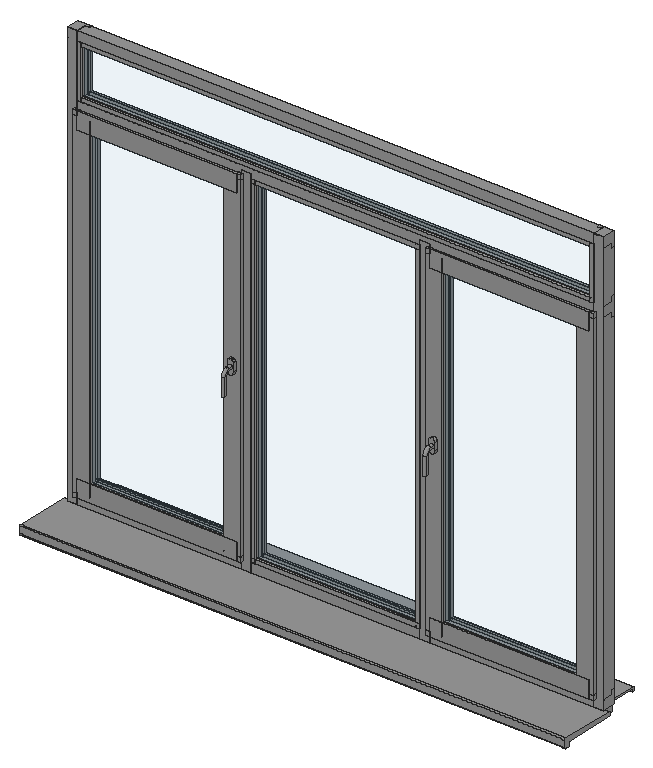
Revit family "deceuninck_okonniy_blok_trehstvorchatiy_so_sploshnoi_framugoi_sverhu", category Windows, host Wall, Revit 2016
Family settings
  Host = Wall
  OmniClass Number = 23.30.20.00
  OmniClass Title = Windows
  Always vertical = Yes
  Cut with Voids When Loaded = No
  Shared = No
  Room Calculation Point = No
Parameters (values of type "Энвин ЭКО-60")
  Ширина профиля = 60 mm
  Ширина проема [instance] = ADSK_Ширина рамы + Монтажный зазор.Левый + Монтажный зазор.Правый  # 2440 mm
  Шир прав створка [instance] = if(Одинковые створки, ADSK_Ширина рамы / 3, Створка правая.Ширина)  # 800 mm
  Шир лев створка [instance] = if(Одинковые створки, ADSK_Ширина рамы / 3, Створка левая.Ширина)  # 800 mm
  Четверть.Ширина [instance] = 65 mm
  Четверть.Правая [instance] = if(and(Четверть правая.Видимость, Четверть), Четверть.Ширина, 0 mm)  # 65 mm
  Четверть.Левая [instance] = if(and(Четверть левая.Видимость, Четверть), Четверть.Ширина, 0 mm)  # 65 mm
  Четверть.Глубина [instance] = 120 mm
  Четверть.Высота [instance] = 65 mm
  Четверть правая.Видимость [instance] = yes
  Четверть левая.Видимость [instance] = yes
  Четверть.Врхняя [instance] = if(Четверть, Четверть.Высота, 0 mm)  # 65 mm
  Четверть [instance] = yes
  Цвет профиля = ""
  Фрамуга верхняя.Высота [instance] = ADSK_Высота рамы - Створка.Высота  # 300 mm
  Формула стеклопакета = ""
  Толщина стеклопакета = "32"
  Стеклопакет.Толщина = 32 mm
  Створка.Высота [instance] = 1600 mm
  Створка центральная [instance] = stvorka : Глухая
  Створка правая.Ширина [instance] = 800 mm
  Створка правая [instance] = stvorka : Поворотная право
  Створка центральная.Ширина [instance] = ADSK_Ширина рамы - Шир прав створка - Шир лев створка  # 800 mm
  Створка левая.Ширина [instance] = 800 mm
  Створка левая [instance] = stvorka : Поворотная лево
  Система фурнитуры [instance] = ""
  Расчетное значение ветровой нагрузки [instance] = 400
  Рама.Окно.Ширина [instance] = 2400 mm
  Рама.Окно.Высота [instance] = 1900 mm
  Профильная система = "Энвин ЭКО 60"
  Проем.Окно.Ширина [instance] = 2440 mm
  Проем.Окно.Высота [instance] = 1955 mm
  Watermarked By = ""
  Rough Width = 0 mm  # constant formula
  Rough Height = 0 mm  # constant formula
  Подоконник.Глубина [instance] = 0 mm
  Подоконник. Видимость [instance] = yes
  Подоконник [instance] = podokonnik : ПВХ 250
  Площаль элемента [instance] = ADSK_Ширина рамы * ADSK_Высота рамы / 1000000 mm  # 4.56 mm
  Отлив.Свес [instance] = 35 mm
  Отлив.Видимость [instance] = yes
  Откосы.Глубина [instance] = 310 mm
  Одинковые створки [instance] = no
  Огнестойкость = "Е-15"
  Наименование = "Окно 3-створчатое с фрамугой сверху Энвин ЭКО-60"
  Монтажный зазор.Спереди [instance] = 10 mm
  Монтажный зазор.Правый [instance] = if(Четверть правая.Видимость, Монтажный зазор.Боковой, 0 mm)  # 20 mm
  Монтажный зазор.Низ [instance] = 10 mm
  Монтажный зазор.Левый [instance] = if(Четверть левая.Видимость, Монтажный зазор.Боковой, 0 mm)  # 20 mm
  Монтажный зазор.Верх [instance] = 20 mm
  Монтажный зазор.Боковой = 20 mm
  Материал-Стеклопакет = none
  Материал-Рама = none
  Материал-Подоконник = ПВХ, белый
  Материал-Отлив = Лист оцинкованый, белый
  Класс профиля = "Тип В"
  Завод-изготовитель [instance] = "ООО Декёнинк Рус, Россия"  # constant formula
  ГОСТ = "ГОСТ 30673-2013"
  Высота профиля створки = 76 mm
  Высота профиля рамы = 62 mm
  Высота профиля имоста = 82 mm
  Высота проема [instance] = ADSK_Высота рамы + 25 mm + Монтажный зазор.Верх + Монтажный зазор.Низ  # 1955 mm
  Height = 1000 mm
  Высота подоконника по умолчанию = 800 mm
  Wall Closure = By host
  Width = 0 mm  # constant formula
  Артикул створки/армирование рстворки = "ZE 60D  /  AR1"
  Артикул рамы/армирование рамы = "LE 60D  /  AR1"
  Артикул импоста/армирование импоста = "TE 60D  /  20 x 35"
  Analytic Construction = "<Нет>"
  λ краевой зоны стеклопакета = 0.0600 (m²·K)/W
  Rстеклопакета = 0.7600 (m²·K)/W
  Rпрофиля = 0.6800 (m²·K)/W
  Rпривед [instance] = 1 / (((Ширина профиля / 1000 mm) * (5.4 - 4 * (Ширина профиля / 1000 mm)) / (1.8 * Rпрофиля / Rед)) + ((1.2 - 2 * (Ширина профиля / 1000 mm)) * (1.5 - 2 * (Ширина профиля / 1000 mm)) / (1.8 * Rстеклопакета / Rед)) + (5.4 - 8 * (Ширина профиля / 1000 mm)) * (λ краевой зоны стеклопакета / Rед))  # 0.61064
  Rед = 1.0000 (m²·K)/W
  Iфактич [instance] = ""
  Iтреб [instance] = if(or(Шир лев створка > Шир прав створка, Шир лев створка = Шир прав створка), ((Расчетное значение ветровой нагрузки / 1000000) * ((ADSK_Высота рамы / 10) ^ 4) * (Шир лев створка / 20) / (1 mm * 1920 mm * 210000 mm * (ADSK_Высота рамы / 3000)) * (25 - (40 * ((Шир лев створка / ADSK_Высота рамы) ^ 2)) + (16 * ((Шир лев створка / ADSK_Высота рамы) ^ 4)))) + ((Расчетное значение ветровой нагрузки / 1000000) * ((ADSK_Высота рамы / 10) ^ 4) * (Створка центральная.Ширина / 20) / (1 mm * 1920 mm * 210000 mm * (ADSK_Высота рамы / 3000)) * (25 - (40 * ((Створка центральная.Ширина / ADSK_Высота рамы) ^ 2)) + (16 * ((Створка центральная.Ширина / ADSK_Высота рамы) ^ 4)))), ((Расчетное значение ветровой нагрузки / 1000000) * ((ADSK_Высота рамы / 10) ^ 4) * (Створка центральная.Ширина / 20) / (1 mm * 1920 mm * 210000 mm * (ADSK_Высота рамы / 3000)) * (25 - (40 * ((Створка центральная.Ширина / ADSK_Высота рамы) ^ 2)) + (16 * ((Створка центральная.Ширина / ADSK_Высота рамы) ^ 4)))) + ((Расчетное значение ветровой нагрузки / 1000000) * ((ADSK_Высота рамы / 10) ^ 4) * (Шир прав створка / 20) / (1 mm * 1920 mm * 210000 mm * (ADSK_Высота рамы / 3000)) * (25 - (40 * ((Шир прав створка / ADSK_Высота рамы) ^ 2)) + (16 * ((Шир прав створка / ADSK_Высота рамы) ^ 4)))))  # 3.007 mm
  ADSK_Ширина рамы [instance] = 2400 mm
  ADSK_Позиция [instance] = ""
  ADSK_Высота рамы [instance] = 1900 mm
Reference planes
  plane 1 "По центру (Вперед/Назад)": y = 0
  plane 2 "По центру (Влево/Вправо)": x = 0
  plane 3 "Подоконник": z = 800
  plane 4 "Наружный": y = 250
  plane 5 "Внутренние": y = -250
  plane 6: x = -1220
  plane 7: x = 1220
  plane 8: x = -1155
  plane 9: x = 1155
  plane 10: y = 130
  plane 11: z = 2700
  plane 12: x = -1200
  plane 13: x = 1200
  plane 14: z = 775
  plane 15: z = 2720
  plane 16: z = 765
  plane 17: z = 2655
  plane 18: y = 120
  plane 19: y = 60
  plane 20: x = -1138
  plane 21: x = 1138
  plane 22: z = 2638
  plane 23: z = 862
  plane 24: x = 400
  plane 25: x = 359
  plane 26: x = 441
  plane 27: y = 107
  plane 28: y = 70
  plane 29: y = 450
  plane 30: x = -400
  plane 31: x = -441
  plane 32: x = -359
  plane 33: z = 2400
Forms (mm)
  Extrusion 1, void
    sketch origin (0, -250, 0) x (1, 0, 0) y (0, 0, 1)
      loop
        line (-1220, 2720) -> (-1220, 765) -> (1220, 765) -> (1220, 2720) -> (-1220, 2720)
    from 0 to -380
  Extrusion 2, void
    sketch origin (-2200.521, 130, 1000) x (1, 0, 0) y (0, 0, 1)
      loop
        line (1045.521, 1655) -> (1045.521, -235) -> (3355.521, -235) -> (3355.521, 1655) -> (1045.521, 1655)
    from 0 to -320
  Extrusion 3, solid, material <- "Материал-Рама", detail levels fine
    sketch origin (0, 0, 800) x (0, -1, 0) y (-1, 0, 0)
      loop
        line (-120, 1200) -> (-120, 1138) -> (-107, 1138) -> (-107, 1158) -> (-60, 1158) -> (-60, 1200) -> (-120, 1200)
      loop
        line (-120, -1138) -> (-120, -1200) -> (-60, -1200) -> (-60, -1158) -> (-107, -1158) -> (-107, -1138) -> (-120, -1138)
    from 0 to -1900
  Extrusion 4, solid, material <- "Материал-Рама", detail levels fine
    sketch origin (-750, 0, 0) x (0, -1, 0) y (0, 0, 1)
      loop
        line (-60, 800) -> (-60, 842) -> (-107, 842) -> (-107, 862) -> (-120, 862) -> (-120, 800) -> (-60, 800)
      loop
        line (-60, 2658) -> (-60, 2700) -> (-120, 2700) -> (-120, 2638) -> (-107, 2638) -> (-107, 2658) -> (-60, 2658)
    from 450 to -1950
  Extrusion 5, solid, material <- "Материал-Рама", detail levels fine
    sketch origin (0, 0, 800) x (0, -1, 0) y (-1, 0, 0)
      loop
        line (-120, -359) -> (-120, -441) -> (-107, -441) -> (-107, -421) -> (-60, -421) -> (-60, -379) -> (-107, -379) -> (-107, -359) -> (-120, -359)
    from 0 to -1600
  Extrusion 6, solid, material <- "Материал-Рама"
    sketch origin (-233.865, 107, 2257) x (0, 0, 1) y (-1, 0, 0)
      loop
        line (-1457, 966.135) -> (-1482, 966.135) -> (-1482, -1433.865) -> (-1457, -1433.865) -> (-1457, 966.135)
    from 0 to 37
  Extrusion 7, solid, material "Лист оцинкованый, белый" <- "Материал-Отлив", visible <- "Отлив.Видимость", detail levels fine
    sketch origin (1155, 531.754, 1000) x (0, 1, 0) y (0, 0, 1)
      loop
        line (-424.754, -225) -> (-251.754, -225) -> (-251.754, -235) -> (-246.754, -235) -> (-246.754, -220) -> (-424.754, -215) -> (-424.754, -225)
    from 0 to -2310
  Extrusion 8, solid, detail levels medium
    sketch origin (0, 0, 800) x (0, -1, 0) y (-1, 0, 0)
      loop
        line (-120, 1200) -> (-120, 1138) -> (-60, 1138) -> (-60, 1200) -> (-120, 1200)
      loop
        line (-120, -1200) -> (-60, -1200) -> (-60, -1138) -> (-120, -1138) -> (-120, -1200)
    from 0 to -1900
  Extrusion 9, solid, detail levels medium
    sketch origin (-750, 0, 0) x (0, -1, 0) y (0, 0, 1)
      loop
        line (-120, 2700) -> (-120, 2638) -> (-60, 2638) -> (-60, 2700) -> (-120, 2700)
      loop
        line (-60, 800) -> (-60, 862) -> (-120, 862) -> (-120, 800) -> (-60, 800)
    from -1950 to 450
  Extrusion 10, solid, detail levels coarse
    sketch origin (-750, 0, 0) x (0, -1, 0) y (0, 0, 1)
      loop
        line (-120, 2589) -> (-47, 2589) -> (-47, 2700) -> (-120, 2700) -> (-120, 2589)
      loop
        line (-47, 800) -> (-47, 911) -> (-120, 911) -> (-120, 800) -> (-47, 800)
      loop
        line (-47, 2489) -> (-120, 2489) -> (-120, 2311) -> (-47, 2311) -> (-47, 2489)
    from -1950 to 450
  Extrusion 11, solid, detail levels medium
    sketch origin (0, 0, 800) x (0, -1, 0) y (-1, 0, 0)
      loop
        line (-120, -379) -> (-120, -421) -> (-60, -421) -> (-60, -379) -> (-120, -379)
    from 0 to -1600
  Extrusion 12, solid, detail levels fine
    sketch origin (0, 0, 800) x (0, -1, 0) y (-1, 0, 0)
      loop
        line (-120, 441) -> (-120, 359) -> (-107, 359) -> (-107, 379) -> (-60, 379) -> (-60, 421) -> (-107, 421) -> (-107, 441) -> (-120, 441)
    from 0 to -1600
  Extrusion 13, solid, detail levels medium
    sketch origin (0, 0, 0) x (1, 0, 0) y (0, 1, 0)
      loop
        line (-421, 120) -> (-421, 60) -> (-379, 60) -> (-379, 120) -> (-421, 120)
    from 800 to 2400
  Extrusion 14, solid, detail levels coarse
    sketch origin (0, 0, 0) x (1, 0, 0) y (0, 1, 0)
      loop
        line (310, 120) -> (310, 47) -> (490, 47) -> (490, 120) -> (310, 120)
    from 800 to 2400
  Extrusion 15, solid, detail levels coarse
    sketch origin (0, 0, 0) x (1, 0, 0) y (0, 1, 0)
      loop
        line (-490, 120) -> (-490, 47) -> (-310, 47) -> (-310, 120) -> (-490, 120)
    from 800 to 2400
  Extrusion 16, solid, detail levels coarse
    sketch origin (0, 0, 0) x (1, 0, 0) y (0, 1, 0)
      loop
        line (-1200, 120) -> (-1200, 47) -> (-1089, 47) -> (-1089, 120) -> (-1200, 120)
      loop
        line (1090, 120) -> (1090, 47) -> (1200, 47) -> (1200, 120) -> (1090, 120)
    from 800 to 2700
  Extrusion 17, solid, detail levels medium+fine
    sketch origin (0, 0, 0) x (0, -1, 0) y (0, 0, 1)
      loop
        line (-120, 2359) -> (-107, 2359) -> (-107, 2379) -> (-60, 2379) -> (-60, 2421) -> (-107, 2421) -> (-107, 2441) -> (-120, 2441) -> (-120, 2359)
    from -1200 to 1200
  Extrusion 18, solid, detail levels medium
    sketch origin (-750, 0, 0) x (0, -1, 0) y (0, 0, 1)
      loop
        line (-60, 2421) -> (-120, 2421) -> (-120, 2379) -> (-60, 2379) -> (-60, 2421)
    from -1950 to 450
Lines and regions (mm)
  symbolic lines, style "Windows"
    curve 1: line (-1200, 130, 0) -> (1200, 130, 0)
Text (mm)
  text "Наружный" at (0, 923.751, 2943.296), in view "Справа"
  text "Наружный" at (0, 1040.484, 2685.409), in view "Слева"
Dimensions and locks
  "Высота подоконника по умолчанию": plane 3 "Подоконник" to level
  locked: plane 4 "Наружный" to host wall at 0
  locked: plane 5 "Внутренние" to host wall
  "Четверть.Глубина": plane 10 to plane 4 "Наружный"
  "ADSK_Высота рамы": plane 11 to plane 3 "Подоконник"
  "Монтажный зазор.Верх": plane 15 to plane 11
  locked: plane 3 "Подоконник" to plane 14 at 25
  "Монтажный зазор.Низ": plane 14 to plane 16
  "Четверть.Врхняя": plane 15 to plane 17
  equal spacing: plane 13, plane 2 "По центру (Влево/Вправо)", plane 12
  "ADSK_Ширина рамы": plane 13 to plane 12
  "Четверть.Левая": plane 8 to plane 6
  "Четверть.Правая": plane 7 to plane 9
  "Монтажный зазор.Левый": plane 12 to plane 6
  "Монтажный зазор.Правый": plane 13 to plane 7
  "Монтажный зазор.Спереди": plane 10 to plane 18
  "Ширина профиля": plane 18 to plane 19
  "Высота профиля рамы": plane 12 to plane 20
  locked: Extrusion 3 sketch curve to Extrusion 3 sketch curve at 13  (x2)
  locked: Extrusion 3 sketch curve to Extrusion 3 sketch curve at 20  (x2)
  "Высота профиля рамы": plane 21 to plane 13
  "Высота профиля рамы": plane 11 to plane 22
  "Высота профиля рамы": plane 3 "Подоконник" to plane 23
  locked: Extrusion 4 sketch curve to Extrusion 4 sketch curve at 13  (x2)
  locked: Extrusion 4 sketch curve to Extrusion 4 sketch curve at 20  (x2)
  equal spacing: plane 25, plane 24, plane 26
  "Высота профиля имоста": plane 25 to plane 26
  locked: Extrusion 5 sketch curve to plane 26 at 20
  locked: plane 25 to Extrusion 5 sketch curve at 20
  locked: plane 18 to plane 27 at 13
  locked: plane 28 to plane 19 at 10
  locked: Extrusion 7 sketch curve to Extrusion 7 sketch curve at 5  (x2)
  locked: Extrusion 7 sketch curve to Extrusion 7 sketch curve at 10
  "Отлив.Свес": Extrusion 7 to plane 4 "Наружный"
  locked: plane 4 "Наружный" to plane 29 at 200
  "Шир лев створка": plane 30 to plane 12
  equal spacing: plane 31, plane 30, plane 32
  "Высота профиля имоста": plane 31 to plane 32
  locked: Extrusion 12 sketch curve to Extrusion 12 sketch curve at 20  (x2)
  "Шир прав створка": plane 24 to plane 13
  "Откосы.Глубина": plane 19 to plane 5 "Внутренние"
  "Створка.Высота": plane 33 to plane 3 "Подоконник"
  locked: Extrusion 17 sketch curve to Extrusion 17 sketch curve at 20  (x2)
  "Высота профиля имоста": Extrusion 17 sketch curve to Extrusion 17 sketch curve
  equal spacing: Extrusion 17 sketch curve, plane 33, Extrusion 17 sketch curve
  "Проем.Окно.Высота": plane 15 to plane 16
  "Рама.Окно.Высота": plane 11 to plane 3 "Подоконник"
  "Проем.Окно.Ширина": plane 7 to plane 6
  "Рама.Окно.Ширина": plane 13 to plane 12
  aligned and locked: Extrusion 1 sketch curve to plane 15
  aligned and locked: Extrusion 1 sketch curve to plane 6
  aligned and locked: Extrusion 1 sketch curve to plane 7
  aligned and locked: Extrusion 1 sketch curve to plane 16
  aligned and locked: plane 10 to Extrusion 1
  aligned and locked: Extrusion 2 sketch curve to plane 17
  aligned and locked: Extrusion 2 sketch curve to plane 8
  aligned and locked: Extrusion 2 sketch curve to plane 9
  aligned and locked: Extrusion 2 sketch curve to plane 16
  aligned and locked: Extrusion 3 sketch curve to plane 18
  aligned and locked: Extrusion 3 sketch curve to plane 19
  aligned and locked: Extrusion 3 sketch curve to plane 20
  aligned and locked: Extrusion 3 sketch curve to plane 12
  aligned and locked: plane 18 to Extrusion 3 sketch curve
  aligned and locked: plane 19 to Extrusion 3 sketch curve
  aligned and locked: Extrusion 3 sketch curve to plane 13
  aligned and locked: Extrusion 3 sketch curve to plane 21
  aligned and locked: plane 11 to Extrusion 3
  aligned and locked: Extrusion 4 sketch curve to plane 19  (x2)
  aligned and locked: Extrusion 4 sketch curve to plane 18  (x2)
  aligned and locked: Extrusion 4 sketch curve to plane 23
  aligned and locked: Extrusion 4 sketch curve to plane 3 "Подоконник"
  aligned and locked: Extrusion 4 sketch curve to plane 22
  aligned and locked: Extrusion 4 sketch curve to plane 11
  aligned and locked: Extrusion 4 to plane 13
  aligned and locked: Extrusion 4 to plane 12
  aligned and locked: Extrusion 5 sketch curve to plane 18
  aligned and locked: Extrusion 5 sketch curve to plane 19
  aligned and locked: Extrusion 6 sketch curve to plane 12
  aligned and locked: Extrusion 6 sketch curve to plane 3 "Подоконник"
  aligned and locked: Extrusion 6 sketch curve to plane 14
  aligned and locked: plane 13 to Extrusion 6 sketch curve
  aligned and locked: plane 28 to Extrusion 6
  aligned and locked: nested 1 to plane 3 "Подоконник"
  aligned and locked: plane 28 to nested 1
  aligned and locked: nested 1 to plane 2 "По центру (Влево/Вправо)"
  aligned and locked: plane 14 to Extrusion 7 sketch curve
  aligned and locked: Extrusion 7 to plane 8
  aligned and locked: plane 27 to Extrusion 7 sketch curve
  aligned and locked: plane 29 to Extrusion 2
  aligned and locked: curve 1 to plane 10
  aligned and locked: plane 11 to Extrusion 8
  aligned and locked: Extrusion 9 sketch curve to plane 11
  aligned and locked: Extrusion 9 sketch curve to plane 22
  aligned and locked: Extrusion 9 sketch curve to plane 19  (x2)
  aligned and locked: Extrusion 9 sketch curve to plane 18  (x2)
  aligned and locked: Extrusion 9 sketch curve to plane 3 "Подоконник"
  aligned and locked: Extrusion 9 sketch curve to plane 23
  aligned and locked: Extrusion 9 to plane 13
  aligned and locked: Extrusion 8 sketch curve to plane 20
  aligned and locked: Extrusion 8 sketch curve to plane 19  (x2)
  aligned and locked: Extrusion 8 sketch curve to plane 12
  aligned and locked: plane 13 to Extrusion 8 sketch curve
  aligned and locked: plane 21 to Extrusion 8 sketch curve
  aligned and locked: Extrusion 10 sketch curve to plane 18  (x2)
  aligned and locked: Extrusion 10 sketch curve to plane 11
  aligned and locked: Extrusion 10 sketch curve to plane 3 "Подоконник"
  aligned and locked: Extrusion 10 to plane 13
  aligned and locked: Extrusion 8 sketch curve to plane 18  (x2)
  aligned and locked: Extrusion 11 sketch curve to Extrusion 5  (x3)
  aligned and locked: Extrusion 10 to plane 12
  aligned and locked: Extrusion 9 to plane 12
  aligned and locked: Extrusion 12 sketch curve to plane 18
  aligned and locked: Extrusion 12 sketch curve to plane 19
  aligned and locked: Extrusion 12 sketch curve to plane 32
  aligned and locked: Extrusion 12 sketch curve to plane 31
  aligned and locked: Extrusion 12 sketch curve to plane 27  (x2)
  aligned and locked: plane 3 "Подоконник" to Extrusion 12
  aligned and locked: plane 3 "Подоконник" to Extrusion 5
  aligned and locked: Extrusion 13 sketch curve to Extrusion 12  (x3)
  aligned and locked: Extrusion 12 to Extrusion 13 sketch curve
  aligned and locked: plane 3 "Подоконник" to Extrusion 13
  aligned and locked: Extrusion 14 sketch curve to plane 18
  aligned and locked: Extrusion 10 to Extrusion 14 sketch curve
  aligned and locked: Extrusion 10 to Extrusion 15 sketch curve
  aligned and locked: Extrusion 15 sketch curve to plane 18
  aligned and locked: plane 3 "Подоконник" to Extrusion 15
  aligned and locked: plane 3 "Подоконник" to Extrusion 14
  aligned and locked: Extrusion 16 sketch curve to plane 12
  aligned and locked: Extrusion 16 sketch curve to plane 18  (x2)
  aligned and locked: Extrusion 16 sketch curve to Extrusion 10
  aligned and locked: Extrusion 10 to Extrusion 16 sketch curve
  aligned and locked: plane 13 to Extrusion 16 sketch curve
  aligned and locked: plane 11 to Extrusion 16
  aligned and locked: plane 3 "Подоконник" to Extrusion 16
  aligned and locked: nested 2 to Extrusion 4
  aligned and locked: plane 27 to nested 2
  aligned and locked: Extrusion 3 to nested 2
  aligned and locked: nested 2 to Extrusion 13
  aligned and locked: nested 3 to Extrusion 4
  aligned and locked: plane 27 to nested 3
  aligned and locked: Extrusion 13 to nested 3
  aligned and locked: nested 3 to Extrusion 11
  aligned and locked: nested 4 to Extrusion 4
  aligned and locked: plane 27 to nested 4
  aligned and locked: Extrusion 11 to nested 4
  aligned and locked: nested 4 to Extrusion 3
  aligned and locked: Extrusion 17 sketch curve to plane 18
  aligned and locked: Extrusion 17 sketch curve to plane 19
  aligned and locked: Extrusion 17 sketch curve to plane 27
  aligned and locked: Extrusion 17 to plane 13
  aligned and locked: Extrusion 17 to plane 12
  aligned and locked: Extrusion 18 sketch curve to Extrusion 17  (x3)
  aligned and locked: Extrusion 17 to Extrusion 18 sketch curve
  aligned and locked: Extrusion 18 to plane 12
  aligned and locked: Extrusion 18 to plane 13
  aligned and locked: nested 4 to Extrusion 17
  aligned and locked: nested 3 to Extrusion 17
  aligned and locked: nested 2 to Extrusion 17
  aligned and locked: nested 5 to Extrusion 4
  aligned and locked: nested 5 to Extrusion 17
  aligned and locked: plane 27 to nested 5
  aligned and locked: Extrusion 3 to nested 5
  aligned and locked: nested 5 to Extrusion 10 sketch curve  (x2)
  aligned and locked: Extrusion 10 sketch curve to nested 2
  aligned and locked: plane 33 to Extrusion 15
  aligned and locked: Extrusion 14 to Extrusion 15
  aligned and locked: Extrusion 14 to Extrusion 13
  aligned and locked: Extrusion 12 to Extrusion 13
  aligned and locked: Extrusion 11 to Extrusion 12
  aligned and locked: Extrusion 5 to Extrusion 11
  aligned and locked: nested 5 to Extrusion 3
  aligned and locked: Extrusion 16 sketch curve to nested 5
Automatic sketch dimensions
  host wall to Extrusion 7 sketch curve = 30 mm
  Extrusion 7 sketch curve to Extrusion 7 sketch curve = 10 mm
  curve 1 to plane 12 = 0 mm
  curve 1 to plane 13 = 0 mm
  plane 27 to Extrusion 5 sketch curve = 0 mm  (x2)
  Extrusion 5 sketch curve to plane 25 = 0 mm
  Extrusion 5 sketch curve to plane 26 = 0 mm
  Extrusion 10 sketch curve to plane 18 = 0 mm
  Extrusion 10 sketch curve to plane 19 = 13 mm  (x2)
  Extrusion 11 sketch curve to plane 18 = 0 mm
  plane 26 to Extrusion 14 sketch curve = 49 mm
  Extrusion 14 sketch curve to plane 25 = 49 mm
  plane 32 to Extrusion 15 sketch curve = 49 mm
  plane 23 to Extrusion 10 sketch curve = 49 mm
  plane 22 to Extrusion 10 sketch curve = 49 mm
  Extrusion 15 sketch curve to plane 31 = 49 mm
  plane 20 to Extrusion 16 sketch curve = 49 mm
  Extrusion 17 sketch curve to plane 27 = 0 mm
Nested families
  nested 1: "podokonnik" at (0, 70, 800), Материал-Подоконник <- "Материал-Подоконник", Длина подоконника <- "Ширина проема", type <- "Подоконник", visible <- "Подоконник. Видимость", type "ПВХ 250", detail levels fine
    with Материал-Подоконник ПВХ, белый, Длина подоконника 2440 mm
  nested 2: "stvorka" at (-789.5, 107, 842), Профиль.Ширина <- "Ширина профиля", Стеклопакет.Толщина <- "Стеклопакет.Толщина", type <- "Створка левая", Профиль.Высота <- "Высота профиля створки", type "Поворотная лево"
    with Стеклопакет.Толщина 32 mm, Створка.Ширина 737 mm, Створка.Высота 1537 mm, Ручка.Расстояние от низа створки 768.5 mm, Профиль.Ширина 60 mm, Профиль.Высота 76 mm, Материал.Профиль none
  nested 3: "stvorka" at (0, 107, 842), Профиль.Ширина <- "Ширина профиля", Стеклопакет.Толщина <- "Стеклопакет.Толщина", type <- "Створка центральная", Профиль.Высота <- "Высота профиля створки", type "Глухая"
    with Стеклопакет.Толщина 32 mm, Створка.Ширина 758 mm, Створка.Высота 1537 mm, Ручка.Расстояние от низа створки 768.5 mm, Профиль.Ширина 60 mm, Профиль.Высота 76 mm, Материал.Профиль none
  nested 4: "stvorka" at (789.5, 107, 842), Профиль.Ширина <- "Ширина профиля", Стеклопакет.Толщина <- "Стеклопакет.Толщина", type <- "Створка правая", Профиль.Высота <- "Высота профиля створки", type "Поворотная право"
    with Стеклопакет.Толщина 32 mm, Створка.Ширина 737 mm, Створка.Высота 1537 mm, Ручка.Расстояние от низа створки 768.5 mm, Профиль.Ширина 60 mm, Профиль.Высота 76 mm, Материал.Профиль none
  nested 5: "stvorka" at (0, 107, 2421), Профиль.Ширина <- "Ширина профиля", Стеклопакет.Толщина <- "Стеклопакет.Толщина", Профиль.Высота <- "Высота профиля створки", type "Глухая"
    with Стеклопакет.Толщина 32 mm, Створка.Ширина 2316 mm, Створка.Высота 237 mm, Ручка.Расстояние от низа створки 118.5 mm, Профиль.Ширина 60 mm, Профиль.Высота 76 mm, Материал.Профиль none
Definition of nested family "podokonnik"
  Parameters (values of type "ПВХ 150")
    Материал-Подоконник [instance] = none
    Длина подоконника [instance] = 1500 mm
    Глубина подоконника = 150 mm
    Watermarked By = ""
    Type Comments = "﻿﻿                           ﻿       ﻿     ﻿       ​         ​       ​   ​                  ﻿    ​            ﻿   ﻿                     ﻿     ﻿       ﻿   ​         ﻿       ﻿﻿"
    Keynote = "﻿﻿                           ﻿       ﻿     ﻿       ​         ​       ​   ​                  ﻿    ​            ﻿   ﻿                     ﻿     ﻿       ﻿   ​         ﻿       ﻿﻿"
    Description = "﻿﻿                           ﻿       ﻿     ﻿       ​         ​       ​   ​                  ﻿    ​            ﻿   ﻿                     ﻿     ﻿       ﻿   ​         ﻿       ﻿﻿"
    Assembly Code = "﻿﻿                           ﻿       ﻿     ﻿       ​         ​       ​   ​                  ﻿    ​            ﻿   ﻿                     ﻿     ﻿       ﻿   ​         ﻿       ﻿﻿"
  Types (13, lengths in mm): name | Глубина подоконника
    ПВХ 100 | 100
    ПВХ 150 | 150
    ПВХ 200 | 200
    ПВХ 250 | 250
    ПВХ 300 | 300
    ПВХ 350 | 350
    ПВХ 400 | 400
    ПВХ 450 | 450
    ПВХ 500 | 500
    ПВХ 550 | 550
    ПВХ 600 | 600
    ПВХ 650 | 650
    ПВХ 700 | 700
  Reference planes
    plane 1 "По центру (Вперед/Назад)": y = 0
    plane 2: z = 0
    plane 3 "По центру (Влево/Вправо)": x = 0
    plane 4: y = -150
    plane 5: x = 750
    plane 6: x = -750
  Forms (mm)
    Extrusion 1, solid, material <- "Материал-Подоконник"
      sketch origin (0, 0, 0) x (0, 1, 0) y (0, 0, 1)
        loop
          line (0, 0) -> (-146, 0)
          arc (-146, 0) -> (-148.828, -1.172) -> (-150, -4) r 4
          line (-150, -4) -> (-150, -36)
          arc (-150, -36) -> (-148.828, -38.828) -> (-146, -40) r 4
          line (-146, -40) -> (-130, -40) -> (-130, -20) -> (0, -20) -> (0, 0)
      from -750 to 750
  Dimensions and locks
    "Глубина подоконника": plane 1 "По центру (Вперед/Назад)" to plane 4
    equal spacing: plane 6, plane 3 "По центру (Влево/Вправо)", plane 5
    "Длина подоконника": plane 6 to plane 5
    aligned and locked: level to plane 2
    aligned and locked: plane 2 to Extrusion 1 sketch curve
    aligned and locked: plane 4 to Extrusion 1 sketch curve  (x2)
    aligned and locked: plane 5 to Extrusion 1
    aligned and locked: Extrusion 1 to plane 6
  Automatic sketch dimensions
    Extrusion 1 sketch curve to plane 1 "По центру (Вперед/Назад)" = 0 mm
    Extrusion 1 sketch curve to level = 20 mm
    Extrusion 1 sketch curve to level = 4 mm
    Extrusion 1 sketch curve to Extrusion 1 sketch curve = 16 mm  (x2)
    Extrusion 1 sketch curve to Extrusion 1 sketch curve = 4 mm
Definition of nested family "stvorka"
  Parameters (values of type "Глухая")
    Стеклопакет.Толщина [instance] = 32 mm
    Створка.Ширина [instance] = 600 mm
    Створка.Открытие = not(Створка.Глухая)  # no
    Створка.Высота [instance] = 1500 mm
    Ручка.Расстояние от низа створки [instance] = Створка.Высота / 2  # 750 mm
    Ручка справа = no
    Ручка снизу = no
    Ручка слева = no
    Ручка сверху. = no
    Профиль.Ширина [instance] = 58 mm
    Профиль.Высота [instance] = 77 mm
    Открывание правое = no
    Открывание низ = no
    Открывание левое = no
    Открывание верх = no
    Створка.Глухая = yes
    Материал.Стеклопакет = none
    Материал.Профиль [instance] = none
    Watermarked By = ""
    Type Comments = "﻿﻿                           ﻿       ﻿     ﻿       ​         ​       ​   ​                  ﻿    ​            ﻿   ﻿                     ﻿     ﻿       ﻿   ​         ﻿       ﻿﻿"
    Keynote = "﻿﻿                           ﻿       ﻿     ﻿       ​         ​       ​   ​                  ﻿    ​            ﻿   ﻿                     ﻿     ﻿       ﻿   ​         ﻿       ﻿﻿"
    Description = "﻿﻿                           ﻿       ﻿     ﻿       ​         ​       ​   ​                  ﻿    ​            ﻿   ﻿                     ﻿     ﻿       ﻿   ​         ﻿       ﻿﻿"
    Assembly Code = "﻿﻿                           ﻿       ﻿     ﻿       ​         ​       ​   ​                  ﻿    ​            ﻿   ﻿                     ﻿     ﻿       ﻿   ​         ﻿       ﻿﻿"
    Analytic Construction = "<Нет>"
  Types (5, lengths in mm): name | Створка.Ширина | Створка.Открытие | Створка.Высота | Ручка.Расстояние от низа створки | Ручка справа | Ручка слева | Открывание правое | Открывание левое | Открывание верх | Створка.Глухая
    Глухая | 600 | no | 1500 | 750 | no | no | no | no | no | yes
    Поворотная право | 600 | yes | 1500 | 750 | no | yes | yes | no | no | no
    Поворотная лево | 600 | yes | 1500 | 750 | yes | no | no | yes | no | no
    Поворотно-откидная право | 600 | yes | 1500 | 750 | no | yes | yes | no | yes | no
    Поворотно-откидная лево | 700 | yes | 1400 | 700 | yes | no | no | yes | yes | no
  Reference planes
    plane 1 "По центру (Вперед/Назад)": y = 0
    plane 2: z = 0
    plane 3 "По центру (Влево/Вправо)": x = 0
    plane 4: x = -288
    plane 5: x = 288
    plane 6: y = -58
    plane 7: z = 1500
    plane 8: y = -16
    plane 9: y = -48
    plane 10: y = -51
    plane 11: x = -300
    plane 12: x = 300
    plane 13: z = 12
    plane 14: z = -8
    plane 15: z = 1508
    plane 16: z = 1488
    plane 17: z = 750
    plane 18: x = -308
    plane 19: x = -231
    plane 20: x = 308
    plane 21: x = 231
    plane 22: z = 1431
    plane 23: z = 69
    plane 24: z = 750
  Forms (mm)
    Extrusion 1, solid, material <- "Материал.Профиль", visible <- "Створка.Открытие", detail levels fine
      sketch origin (0, 0, 0) x (1, 0, 0) y (0, 1, 0)
        loop
          line (-288, 0) -> (-288, -45) -> (-308, -45) -> (-308, -58) -> (-231, -58) -> (-231, -51) -> (-251, -51) -> (-251, -13) -> (-231, -13) -> (-234, 0) -> (-288, 0)
        loop
          line (288, 0) -> (234, 0) -> (231, -13) -> (251, -13) -> (251, -51) -> (231, -51) -> (231, -58) -> (308, -58) -> (308, -45) -> (288, -45) -> (288, 0)
      from 12 to 1488
    Extrusion 2, solid, visible <- "Створка.Открытие", detail levels fine
      sketch origin (0, 0, 0) x (1, 0, 0) y (0, 1, 0)
        loop
          line (-251, -13) -> (-251, -51) -> (-231, -51) -> (-231, -48) -> (-241, -48) -> (-241, -16) -> (-231, -16) -> (-231, -13) -> (-251, -13)
        loop
          line (251, -13) -> (231, -13) -> (231, -16) -> (241, -16) -> (241, -48) -> (231, -48) -> (231, -51) -> (251, -51) -> (251, -13)
      from 49 to 1451
    Extrusion 3, solid, material <- "Материал.Профиль", visible <- "Створка.Открытие", detail levels fine
      sketch origin (0, 0, 12) x (0, 1, 0) y (0, 0, 1)
        loop
          line (-58, 57) -> (-58, -20) -> (-45, -20) -> (-45, 0) -> (0, 0) -> (0, 54) -> (-13, 57) -> (-13, 37) -> (-51, 37) -> (-51, 57) -> (-58, 57)
        loop
          line (-58, 1419) -> (-51, 1419) -> (-51, 1439) -> (-13, 1439) -> (-13, 1419) -> (0, 1422) -> (0, 1476) -> (-45, 1476) -> (-45, 1496) -> (-58, 1496) -> (-58, 1419)
      from -288 to 288
    Extrusion 4, solid, visible <- "Створка.Открытие", detail levels fine
      sketch origin (0, 0, 0) x (0, 1, 0) y (0, 0, 1)
        loop
          line (-16, 69) -> (-16, 59) -> (-48, 59) -> (-48, 69) -> (-51, 69) -> (-51, 49) -> (-13, 49) -> (-13, 69) -> (-16, 69)
        loop
          line (-51, 1451) -> (-51, 1431) -> (-48, 1431) -> (-48, 1441) -> (-16, 1441) -> (-16, 1431) -> (-13, 1431) -> (-13, 1451) -> (-51, 1451)
      from -251 to 251
    Extrusion 5, solid, material <- "Материал.Профиль", visible <- "Створка.Открытие", detail levels fine
      sketch origin (-963, -48, 1200) x (-1, 0, 0) y (0, 0, 1)
        loop
          line (-655, 308) -> (-675, 308) -> (-675, 288) -> (-655, 288) -> (-655, 308)
        loop
          line (-1251, 308) -> (-1271, 308) -> (-1271, 288) -> (-1251, 288) -> (-1251, 308)
        loop
          line (-675, -1188) -> (-675, -1208) -> (-655, -1208) -> (-655, -1188) -> (-675, -1188)
        loop
          line (-1271, -1188) -> (-1271, -1208) -> (-1251, -1208) -> (-1251, -1188) -> (-1271, -1188)
      from 3 to -10
    Extrusion 6, solid, material <- "Материал.Стеклопакет", visible <- "Створка.Открытие"
      sketch origin (0, -16, 59) x (0, -1, 0) y (1, 0, 0)
        loop
          line (0, 241) -> (0, -241) -> (32, -241) -> (32, 241) -> (0, 241)
      from 0 to 1382
    Extrusion 7, solid, material <- "Материал.Профиль", visible <- "Створка.Открытие", detail levels medium
      sketch origin (0, 0, 0) x (1, 0, 0) y (0, 1, 0)
        loop
          line (-231, 0) -> (-308, 0) -> (-308, -58) -> (-231, -58) -> (-231, 0)
        loop
          line (308, 0) -> (231, 0) -> (231, -58) -> (308, -58) -> (308, 0)
      from 12 to 1488
    Extrusion 8, solid, material <- "Материал.Профиль", visible <- "Створка.Открытие", detail levels medium
      sketch origin (0, 0, 0) x (0, 1, 0) y (0, 0, 1)
        loop
          line (0, 1508) -> (-58, 1508) -> (-58, 1431) -> (0, 1431) -> (0, 1508)
        loop
          line (0, 69) -> (-58, 69) -> (-58, -8) -> (0, -8) -> (0, 69)
      from -308 to 308
    Extrusion 9, solid, material <- "Материал.Профиль", visible <- "Створка.Глухая", detail levels fine
      sketch origin (0, 0, 0) x (0, 1, 0) y (0, 0, 1)
        loop
          line (-45, 1500) -> (-45, 1483) -> (-38, 1480) -> (-38, 1500) -> (-45, 1500)
        loop
          line (-45, 0) -> (-38, 0) -> (-38, 20) -> (-45, 17) -> (-45, 0)
      from -300 to 300
    Extrusion 10, solid, visible <- "Створка.Глухая", detail levels fine
      sketch origin (0, 0, 0) x (0, 1, 0) y (0, 0, 1)
        loop
          line (0, 1500) -> (-38, 1500) -> (-38, 1480) -> (-35, 1480) -> (-35, 1490) -> (-3, 1490) -> (-3, 1480) -> (0, 1480) -> (0, 1500)
        loop
          line (0, 0) -> (0, 20) -> (-3, 20) -> (-3, 10) -> (-35, 10) -> (-35, 20) -> (-38, 20) -> (-38, 0) -> (0, 0)
      from -300 to 300
    Extrusion 11, solid, visible <- "Створка.Глухая", detail levels fine
      sketch origin (0, 0, 0) x (1, 0, 0) y (0, 1, 0)
        loop
          line (-300, 0) -> (-300, -38) -> (-280, -38) -> (-280, -35) -> (-290, -35) -> (-290, -3) -> (-280, -3) -> (-280, 0) -> (-300, 0)
        loop
          line (300, 0) -> (280, 0) -> (280, -3) -> (290, -3) -> (290, -35) -> (280, -35) -> (280, -38) -> (300, -38) -> (300, 0)
      from 0 to 1500
    Extrusion 12, solid, material <- "Материал.Профиль", visible <- "Створка.Глухая", detail levels fine
      sketch origin (0, 0, 0) x (1, 0, 0) y (0, 1, 0)
        loop
          line (-300, -38) -> (-300, -45) -> (-282.357, -45) -> (-280, -38) -> (-300, -38)
        loop
          line (300, -38) -> (280, -38) -> (283, -45) -> (300, -45) -> (300, -38)
      from 0 to 1500
    Extrusion 13, solid, material <- "Материал.Стеклопакет", visible <- "Створка.Глухая"
      sketch origin (0, 0, 0) x (1, 0, 0) y (0, 1, 0)
        loop
          line (-290, -3) -> (-290, -35) -> (290, -35) -> (290, -3) -> (-290, -3)
      from 10 to 1490
    Extrusion 14, solid, material <- "Материал.Профиль", visible <- "Створка.Глухая", detail levels medium
      sketch origin (0, 0, 0) x (1, 0, 0) y (0, 1, 0)
        loop
          line (-280, 0) -> (-300, 0) -> (-300, -45) -> (-280, -45) -> (-280, 0)
        loop
          line (300, 0) -> (280, 0) -> (280, -45) -> (300, -45) -> (300, 0)
      from 0 to 1500
    Extrusion 15, solid, material <- "Материал.Профиль", visible <- "Створка.Глухая", detail levels medium
      sketch origin (-300, 682.027, 1200) x (0, 1, 0) y (0, 0, 1)
        loop
          line (-682.027, 280) -> (-682.027, 300) -> (-727.027, 300) -> (-727.027, 280) -> (-682.027, 280)
        loop
          line (-682.027, -1200) -> (-682.027, -1180) -> (-727.027, -1180) -> (-727.027, -1200) -> (-682.027, -1200)
      from 0 to 600
  Lines and regions (mm)
    symbolic lines, visible <- "Открывание правое"
      curve 1: line (231, 0, 1431) -> (-231, 0, 750)
      curve 2: line (-231, 0, 750) -> (231, 0, 69)
    symbolic lines, visible <- "Открывание левое"
      curve 3: line (-231, 0, 1431) -> (231, 0, 750)
      curve 4: line (231, 0, 750) -> (-231, 0, 69)
    symbolic lines, visible <- "Открывание верх"
      curve 5: line (-231, 0, 69) -> (0, 0, 1431)
      curve 6: line (0, 0, 1431) -> (231, 0, 69)
    symbolic lines, visible <- "Открывание низ"
      curve 7: line (-231, 0, 1431) -> (0, 0, 69)
      curve 8: line (0, 0, 69) -> (231, 0, 1431)
    symbolic lines, visible <- "Створка.Глухая"
      curve 9: line (0, 0, 700) -> (0, 0, 800)
      curve 10: line (-50, 0, 750) -> (50, 0, 750)
  Dimensions and locks
    locked: Extrusion 1 sketch curve to Extrusion 1 sketch curve at 13  (x2)
    "Профиль.Ширина": plane 1 "По центру (Вперед/Назад)" to plane 6
    "Стеклопакет.Толщина": plane 8 to plane 9
    locked: plane 8 to plane 1 "По центру (Вперед/Назад)" at 16
    locked: Extrusion 1 to Extrusion 2 sketch curve at 10
    locked: Extrusion 2 sketch curve to Extrusion 1 at 10
    locked: plane 9 to plane 10 at 3
    locked: Extrusion 3 sketch curve to Extrusion 3 sketch curve at 13  (x2)
    locked: Extrusion 4 sketch curve to Extrusion 3 at 10  (x2)
    "Створка.Высота": plane 7 to plane 2
    locked: plane 4 to plane 11 at 12
    locked: plane 12 to plane 5 at 12
    equal spacing: plane 12, plane 3 "По центру (Влево/Вправо)", plane 11
    "Створка.Ширина": plane 12 to plane 11
    locked: plane 15 to plane 7 at 8
    locked: plane 7 to plane 16 at 12
    locked: plane 2 to plane 14 at 8
    locked: plane 13 to plane 2 at 12
    "Профиль.Высота": plane 18 to plane 19
    "Профиль.Высота": plane 21 to plane 20
    locked: plane 21 to Extrusion 2 at 20
    "Профиль.Высота": plane 22 to plane 15
    locked: plane 11 to plane 18 at 8
    locked: plane 20 to plane 12 at 8
    locked: Extrusion 2 to plane 19 at 20
    "Профиль.Высота": plane 23 to plane 14
    "Ручка.Расстояние от низа створки": plane 17 to plane 2
    locked: nested 3 to plane 13 at 18.5
    locked: nested 4 to plane 16 at 18.5
    locked: nested 1 to plane 4 at 18.5
    locked: plane 5 to nested 2 at 18.5
    equal spacing: plane 7, plane 24, plane 2
    locked: Extrusion 10 sketch curve to Extrusion 10 sketch curve at 20  (x2)
    locked: plane 1 "По центру (Вперед/Назад)" to Extrusion 10 sketch curve at 3  (x2)
    "Стеклопакет.Толщина": Extrusion 10 sketch curve to Extrusion 10 sketch curve  (x2)
    locked: plane 11 to Extrusion 11 sketch curve at 10
    locked: Extrusion 11 sketch curve to Extrusion 11 sketch curve at 3  (x2)
    locked: Extrusion 11 sketch curve to plane 1 "По центру (Вперед/Назад)" at 3
    "Стеклопакет.Толщина": Extrusion 11 sketch curve to Extrusion 11 sketch curve  (x2)
    locked: Extrusion 11 sketch curve to plane 12 at 10
    locked: Extrusion 1 to Extrusion 11 sketch curve at 3
    locked: Extrusion 14 to Extrusion 15 sketch curve at 20  (x2)
    locked: Extrusion 11 to Extrusion 14 sketch curve at 20
    locked: Extrusion 14 sketch curve to Extrusion 14 sketch curve at 20
    curve 9 to plane 24 to curve 9 = 50 mm locked, 50 mm locked
    curve 10 to plane 3 "По центру (Влево/Вправо)" to curve 10 = 50 mm locked, 50 mm locked
    locked: Extrusion 7 to Extrusion 1 sketch curve at 13  (x2)
    locked: Extrusion 3 sketch curve to Extrusion 8 at 13  (x2)
    locked: Extrusion 4 to plane 23 at 20
    locked: Extrusion 4 to plane 22 at 20
    locked: Extrusion 14 to Extrusion 13 at 10
    locked: Extrusion 10 sketch curve to Extrusion 13 at 10
    aligned and locked: level to plane 2
    aligned and locked: Extrusion 1 sketch curve to plane 4
    aligned and locked: plane 6 to Extrusion 1 sketch curve
    aligned and locked: plane 1 "По центру (Вперед/Назад)" to Extrusion 1 sketch curve
    aligned and locked: plane 10 to Extrusion 1 sketch curve
    aligned and locked: Extrusion 2 sketch curve to Extrusion 1  (x9)
    aligned and locked: Extrusion 2 sketch curve to plane 9
    aligned and locked: Extrusion 2 sketch curve to plane 8
    aligned and locked: Extrusion 1 sketch curve to plane 5
    aligned and locked: Extrusion 1 sketch curve to plane 6
    aligned and locked: Extrusion 1 sketch curve to plane 1 "По центру (Вперед/Назад)"
    aligned and locked: Extrusion 1 to Extrusion 2 sketch curve
    aligned and locked: plane 6 to Extrusion 3 sketch curve
    aligned and locked: plane 1 "По центру (Вперед/Назад)" to Extrusion 3 sketch curve
    aligned and locked: plane 10 to Extrusion 3 sketch curve
    aligned and locked: plane 13 to Extrusion 3
    aligned and locked: plane 8 to Extrusion 4 sketch curve  (x2)
    aligned and locked: plane 9 to Extrusion 4 sketch curve
    aligned and locked: Extrusion 4 sketch curve to Extrusion 3  (x8)
    aligned and locked: Extrusion 3 to Extrusion 4 sketch curve  (x2)
    aligned and locked: plane 5 to Extrusion 3
    aligned and locked: plane 14 to Extrusion 3
    aligned and locked: Extrusion 3 to plane 4
    aligned and locked: Extrusion 4 to Extrusion 1  (x2)
    aligned and locked: Extrusion 2 to Extrusion 4
    aligned and locked: Extrusion 3 sketch curve to plane 6
    aligned and locked: Extrusion 3 sketch curve to plane 1 "По центру (Вперед/Назад)"
    aligned and locked: plane 15 to Extrusion 3 sketch curve
    aligned and locked: Extrusion 2 to Extrusion 4 sketch curve
    aligned and locked: Extrusion 1 to Extrusion 3  (x2)
    aligned and locked: Extrusion 5 sketch curve to plane 15
    aligned and locked: Extrusion 5 sketch curve to plane 16
    aligned and locked: Extrusion 5 sketch curve to plane 4
    aligned and locked: Extrusion 5 to plane 6
    aligned and locked: Extrusion 2 to Extrusion 3
    aligned and locked: plane 5 to Extrusion 5 sketch curve  (x2)
    aligned and locked: plane 16 to Extrusion 5 sketch curve
    aligned and locked: plane 15 to Extrusion 5 sketch curve
    aligned and locked: plane 18 to Extrusion 1 sketch curve
    aligned and locked: Extrusion 1 sketch curve to plane 19
    aligned and locked: plane 21 to Extrusion 1 sketch curve
    aligned and locked: Extrusion 1 sketch curve to plane 20
    aligned and locked: Extrusion 3 sketch curve to plane 14
    aligned and locked: plane 13 to Extrusion 3 sketch curve
    aligned and locked: Extrusion 3 sketch curve to plane 23
    aligned and locked: plane 22 to Extrusion 3 sketch curve
    aligned and locked: Extrusion 3 sketch curve to plane 16
    aligned and locked: Extrusion 6 sketch curve to plane 8
    aligned and locked: Extrusion 6 sketch curve to plane 9
    aligned and locked: Extrusion 6 sketch curve to Extrusion 2  (x2)
    aligned and locked: Extrusion 6 to Extrusion 4
    aligned and locked: plane 4 to Extrusion 5 sketch curve
    aligned and locked: plane 18 to Extrusion 5 sketch curve
    aligned and locked: plane 13 to Extrusion 5 sketch curve  (x2)
    aligned and locked: plane 14 to Extrusion 5 sketch curve  (x2)
    aligned and locked: Extrusion 5 sketch curve to plane 20
    aligned and locked: Extrusion 7 sketch curve to plane 1 "По центру (Вперед/Назад)"  (x2)
    aligned and locked: Extrusion 7 sketch curve to plane 6  (x2)
    aligned and locked: Extrusion 7 sketch curve to plane 18
    aligned and locked: Extrusion 7 sketch curve to plane 19
    aligned and locked: plane 20 to Extrusion 7 sketch curve
    aligned and locked: plane 21 to Extrusion 7 sketch curve
    aligned and locked: Extrusion 7 to Extrusion 1
    aligned and locked: Extrusion 1 to plane 16
    aligned and locked: Extrusion 7 to Extrusion 3
    aligned and locked: plane 1 "По центру (Вперед/Назад)" to Extrusion 8 sketch curve  (x2)
    aligned and locked: plane 6 to Extrusion 8 sketch curve  (x2)
    aligned and locked: plane 15 to Extrusion 8 sketch curve
    aligned and locked: plane 22 to Extrusion 8 sketch curve
    aligned and locked: Extrusion 8 sketch curve to plane 23
    aligned and locked: plane 14 to Extrusion 8 sketch curve
    aligned and locked: Extrusion 8 to Extrusion 1  (x2)
    aligned and locked: plane 3 "По центру (Влево/Вправо)" to nested 3
    aligned and locked: plane 3 "По центру (Влево/Вправо)" to nested 4
    aligned and locked: nested 1 to plane 17
    aligned and locked: nested 2 to plane 17
    aligned and locked: Extrusion 9 sketch curve to plane 7
    aligned and locked: Extrusion 10 sketch curve to plane 7
    aligned and locked: plane 1 "По центру (Вперед/Назад)" to Extrusion 10 sketch curve
    aligned and locked: Extrusion 10 sketch curve to Extrusion 10 sketch curve  (x2)
    aligned and locked: Extrusion 10 sketch curve to plane 1 "По центру (Вперед/Назад)"
    aligned and locked: Extrusion 9 sketch curve to plane 2
    aligned and locked: Extrusion 9 sketch curve to Extrusion 10
    aligned and locked: Extrusion 9 to plane 11
    aligned and locked: Extrusion 10 to plane 11
    aligned and locked: plane 12 to Extrusion 10
    aligned and locked: plane 12 to Extrusion 9
    aligned and locked: Extrusion 11 sketch curve to plane 11
    aligned and locked: Extrusion 11 sketch curve to plane 12
    aligned and locked: plane 1 "По центру (Вперед/Назад)" to Extrusion 11 sketch curve
    aligned and locked: Extrusion 12 sketch curve to Extrusion 11
    aligned and locked: Extrusion 12 sketch curve to plane 11
    aligned and locked: Extrusion 12 sketch curve to Extrusion 9  (x2)
    aligned and locked: Extrusion 10 to Extrusion 12 sketch curve
    aligned and locked: Extrusion 12 sketch curve to plane 12
    aligned and locked: plane 7 to Extrusion 12
    aligned and locked: plane 7 to Extrusion 11
    aligned and locked: Extrusion 13 sketch curve to Extrusion 11  (x4)
    aligned and locked: Extrusion 13 to Extrusion 10  (x2)
    aligned and locked: Extrusion 14 sketch curve to plane 1 "По центру (Вперед/Назад)"  (x2)
    aligned and locked: Extrusion 14 sketch curve to plane 11
    aligned and locked: Extrusion 14 sketch curve to plane 12
    aligned and locked: plane 7 to Extrusion 14
    aligned and locked: Extrusion 15 sketch curve to Extrusion 10
    aligned and locked: plane 7 to Extrusion 15 sketch curve
    aligned and locked: plane 2 to Extrusion 15 sketch curve
    aligned and locked: plane 1 "По центру (Вперед/Назад)" to Extrusion 15 sketch curve
    aligned and locked: curve 10 to plane 24
    aligned and locked: Extrusion 5 to Extrusion 1
    aligned and locked: plane 12 to Extrusion 15
    aligned and locked: Extrusion 9 to Extrusion 1  (x2)
    aligned and locked: Extrusion 15 sketch curve to Extrusion 9  (x2)
    aligned and locked: Extrusion 14 to Extrusion 1  (x2)
  Automatic sketch dimensions
    curve 4 to plane 19 = 0 mm
    curve 1 to plane 17 = 0 mm
    curve 1 to plane 19 = 0 mm
    curve 3 to plane 19 = 0 mm
    curve 6 to plane 3 "По центру (Влево/Вправо)" = 0 mm
    curve 9 to plane 3 "По центру (Влево/Вправо)" = 0 mm
    curve 8 to plane 3 "По центру (Влево/Вправо)" = 0 mm
    plane 21 to curve 8 = 0 mm
    curve 4 to plane 17 = 0 mm
    plane 21 to curve 4 = 0 mm
    plane 21 to curve 2 = 0 mm
    curve 7 to plane 23 = 0 mm
    curve 5 to plane 23 = 0 mm
    curve 2 to plane 23 = 0 mm
    curve 8 to plane 22 = 0 mm
    curve 3 to plane 22 = 0 mm
    curve 6 to plane 22 = 0 mm
    Extrusion 1 sketch curve to plane 19 = 0 mm
    Extrusion 1 sketch curve to plane 21 = 0 mm
    plane 10 to Extrusion 1 sketch curve = 0 mm
    Extrusion 1 sketch curve to Extrusion 1 sketch curve = 20 mm  (x2)
    Extrusion 1 sketch curve to plane 19 = 3 mm
    Extrusion 1 sketch curve to plane 21 = 3 mm
    Extrusion 2 sketch curve to plane 9 = 0 mm
    plane 8 to Extrusion 2 sketch curve = 0 mm
    Extrusion 3 sketch curve to plane 10 = 0 mm
    Extrusion 3 sketch curve to plane 23 = 0 mm
    plane 22 to Extrusion 3 sketch curve = 0 mm
    Extrusion 3 sketch curve to plane 23 = 3 mm
    Extrusion 3 sketch curve to plane 22 = 3 mm
    plane 20 to Extrusion 5 sketch curve = 0 mm
    Extrusion 5 sketch curve to plane 18 = 0 mm
    plane 9 to Extrusion 9 sketch curve = 10 mm
    plane 13 to Extrusion 9 sketch curve = 5 mm
    plane 13 to Extrusion 9 sketch curve = 8 mm
    plane 16 to Extrusion 9 sketch curve = 8 mm
    plane 16 to Extrusion 9 sketch curve = 5 mm
    plane 4 to Extrusion 12 sketch curve = 5.643 mm
    plane 4 to Extrusion 12 sketch curve = 8 mm
    Extrusion 12 sketch curve to plane 5 = 8 mm
    Extrusion 12 sketch curve to plane 5 = 5 mm
    plane 9 to Extrusion 9 sketch curve = 3 mm  (x2)
    Extrusion 3 sketch curve to plane 22 = 20 mm
    Extrusion 3 sketch curve to plane 23 = 20 mm
    plane 9 to Extrusion 14 sketch curve = 3 mm  (x2)
    plane 9 to Extrusion 10 sketch curve = 10 mm
    Extrusion 10 sketch curve to Extrusion 10 sketch curve = 3 mm
    Extrusion 10 sketch curve to plane 13 = 2 mm
    Extrusion 10 sketch curve to plane 16 = 2 mm
    plane 1 "По центру (Вперед/Назад)" to Extrusion 11 sketch curve = 0 mm
    plane 4 to Extrusion 11 sketch curve = 8 mm  (x2)
    Extrusion 11 sketch curve to plane 5 = 8 mm  (x2)
  Nested families
    nested 1: "ruchka" at (-269.5, -58, 750) x (1, 0, 0) z (0, -1, 0), visible <- "Ручка слева", type "ruchka", detail levels fine
    nested 2: "ruchka" at (269.5, -58, 750) x (1, 0, 0) z (0, -1, 0), visible <- "Ручка справа", Маериал.Ручка <- "Материал.Профиль", type "ruchka", detail levels fine
    nested 3: "ruchka" at (0, -58, 30.5) x (0, 0, 1) z (0, -1, 0), visible <- "Ручка снизу", Маериал.Ручка <- "Материал.Профиль", type "ruchka", detail levels fine
    nested 4: "ruchka" at (0, -58, 1469.5) x (0, 0, 1) z (0, -1, 0), visible <- "Ручка сверху.", Маериал.Ручка <- "Материал.Профиль", type "ruchka", detail levels fine
  Definition of nested family "ruchka"
    Parameters (values of type "ruchka")
      Watermarked By = ""
      Type Comments = "﻿﻿                            ​     ​     ​         ​   ​     ​           ​  ​ ​   ​ ​   ​﻿        ​ ​ ​         ​     ​﻿   ​​    ​       ​                       ​   ​     ﻿﻿"
      Keynote = "﻿﻿                            ​     ​     ​         ​   ​     ​           ​  ​ ​   ​ ​   ​﻿        ​ ​ ​         ​     ​﻿   ​​    ​       ​                       ​   ​     ﻿﻿"
      Description = "﻿﻿                            ​     ​     ​         ​   ​     ​           ​  ​ ​   ​ ​   ​﻿        ​ ​ ​         ​     ​﻿   ​​    ​       ​                       ​   ​     ﻿﻿"
      Default Elevation = 1219.2 mm
      Маериал.Ручка [instance] = none
      Assembly Code = "﻿﻿                            ​     ​     ​         ​   ​     ​           ​  ​ ​   ​ ​   ​﻿        ​ ​ ​         ​     ​﻿   ​​    ​       ​                       ​   ​     ﻿﻿"
      Analytic Construction = "<Нет>"
    Reference planes
      plane 1 "По центру (Вперед/Назад)": y = 0
      plane 2: z = 0
      plane 3 "По центру (Влево/Вправо)": x = 0
    Forms (mm)
      Extrusion 1, solid
        sketch origin (0, 0, 0) x (1, 0, 0) y (0, 1, 0)
          loop
            line (-1219.2, 1219.2) -> (-1219.2, -1219.2) -> (1219.2, -1219.2) -> (1219.2, 1219.2) -> (-1219.2, 1219.2)
        from 0 to -304.8
      Extrusion 2, solid, material <- "Маериал.Ручка"
        sketch origin (-1, 0, 0) x (0, -1, 0) y (1, 0, 0)
          loop
            arc (-18, 15) -> (-32, 1) -> (-18, -13) r 14
            line (-18, -13) -> (18, -13)
            arc (18, -13) -> (32, 1) -> (18, 15) r 14
            line (18, 15) -> (-18, 15)
        from 0 to 10
      Sweep 3, solid, material <- "Маериал.Ручка"
        path origin (0, 0, 0) x (0, -1, 0) y (0, 0, 1)
          loop
            line (0, 10) -> (0, 30)
            arc (0, 30) -> (7.903, 42.097) -> (20, 50) r 35.203
            line (20, 50) -> (100, 50)
        profile origin (0, 0, 20) x (0, 1, 0) y (-1, 0, 0)
          loop
            line (0, 7) -> (-7, 7) -> (-7, -7) -> (0, -7)
            arc (0, -7) -> (7, 0) -> (0, 7) r 7
    Dimensions and locks
      aligned and locked: plane 2 to Extrusion 1
      aligned and locked: level to Extrusion 1
